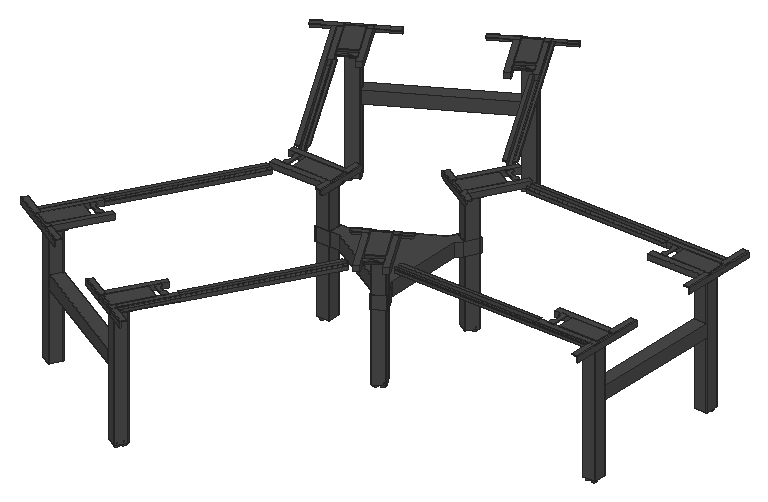
Revit family "Support-Teknion-HWBFYT_hiSpace_120_Frame-R2020", category Furniture, Revit 2020 (continued)
Forms (in)
  Sweep 48, solid, material "Paint - Teknion - 52 - Ebony" <- "Frame Finish"
    profile origin (58.03399, -14.99998, 0) x (-1, 0, 0) y (0, 0, 1)
      loop
        line (0.11766, 26.77953) -> (0.11766, 27.88189) -> (1.27908, 27.88189) -> (1.27908, 28) -> (0.15703, 28)
        arc (0.15703, 28) -> (0.04568, 27.95388) -> (-0.00045, 27.84252) r 0.15748
        line (-0.00045, 27.84252) -> (-0.00045, 26.77953) -> (0.11766, 26.77953)
  Sweep 49, solid, material "Paint - Teknion - 52 - Ebony" <- "Frame Finish"
    path origin (0, 0, 0) x (1, 0, 0) y (0, 1, 0)
      loop
        line (58.03399, 7.12597) -> (58.03399, 22.874)
    profile origin (58.03399, 14.99998, 0) x (-1, 0, 0) y (0, 0, 1)
      loop
        line (0.11766, 27.88189) -> (1.27908, 27.88189) -> (1.27908, 28) -> (0.15703, 28)
        arc (0.15703, 28) -> (0.04568, 27.95387) -> (-0.00045, 27.84252) r 0.15748
        line (-0.00045, 27.84252) -> (-0.00045, 26.77953) -> (0.11766, 26.77953) -> (0.11766, 27.88189)
  Sweep 50, solid, material "Paint - Teknion - 52 - Ebony" <- "Frame Finish"
    path origin (0, 0, 0) x (1, 0, 0) y (0, 1, 0)
      loop
        line (56.62499, 0) -> (15.12499, 0)
    profile origin (35.87499, 0, 0) x (0, -1, 0) y (0, 0, 1)
      loop
        line (-18.85825, 28) -> (-18.85825, 27.925) -> (-18.18325, 27.925) -> (-18.18325, 26.8875) -> (-18.10825, 26.8875) -> (-18.10825, 28) -> (-18.85825, 28)
      loop
        line (18.10825, 28) -> (18.10825, 26.8875) -> (18.18325, 26.8875) -> (18.18325, 27.925) -> (18.85825, 27.925) -> (18.85825, 28) -> (18.10825, 28)
  Sweep 51, solid, material "Paint - Teknion - 52 - Ebony" <- "Frame Finish"
    path origin (0, 0, 0) x (1, 0, 0) y (0, 1, 0)
      loop
        line (15.12499, 0) -> (45.12499, 0)
    profile origin (30.12499, 0, 0) x (0, 1, 0) y (0, 0, 1)
      loop
        line (16.38325, 28) -> (16.38325, 27.925) -> (17.05825, 27.925) -> (17.05825, 26.8125) -> (18.18325, 26.8125) -> (18.18325, 26.8875) -> (17.13325, 26.8875) -> (17.13325, 28) -> (16.38325, 28)
      loop
        line (-18.18325, 26.8875) -> (-18.18325, 26.8125) -> (-17.05825, 26.8125) -> (-17.05825, 27.925) -> (-16.38325, 27.925) -> (-16.38325, 28) -> (-17.13325, 28) -> (-17.13325, 26.8875) -> (-18.18325, 26.8875)
  Sweep 52, solid, material "Paint - Teknion - 52 - Ebony" <- "Frame Finish"
    path origin (0, 0, 0) x (1, 0, 0) y (0, 1, 0)
      loop
        line (-35.18826, 46.69593) -> (-48.82646, 38.82191)
    profile origin (-42.00736, 42.75892, 0) x (0.5, -0.866025, 0) y (0, 0, 1)
      loop
        line (1.27908, 28) -> (0.15703, 28)
        arc (0.15703, 28) -> (0.04568, 27.95387) -> (-0.00045, 27.84252) r 0.15748
        line (-0.00045, 27.84252) -> (-0.00045, 26.77953) -> (0.11766, 26.77953) -> (0.11766, 27.88189) -> (1.27908, 27.88189) -> (1.27908, 28)
  Sweep 53, solid, material "Paint - Teknion - 52 - Ebony" <- "Frame Finish"
    path origin (0, 0, 0) x (1, 0, 0) y (0, 1, 0)
      loop
        line (-9.20753, 61.69591) -> (-22.84573, 53.82189)
    profile origin (-16.02663, 57.7589, 0) x (0.5, -0.866025, 0) y (0, 0, 1)
      loop
        line (1.27908, 28) -> (0.15703, 28)
        arc (0.15703, 28) -> (0.04568, 27.95388) -> (-0.00045, 27.84252) r 0.15748
        line (-0.00045, 27.84252) -> (-0.00045, 26.77953) -> (0.11766, 26.77953) -> (0.11766, 27.88189) -> (1.27908, 27.88189) -> (1.27908, 28)
  Sweep 54, solid, material "Paint - Teknion - 52 - Ebony" <- "Frame Finish"
    path origin (0, 0, 0) x (1, 0, 0) y (0, 1, 0)
      loop
        line (-28.3125, 49.03868) -> (-7.5625, 13.09863)
    profile origin (-17.9375, 31.06865, 0) x (0.866025, 0.5, 0) y (0, 0, 1)
      loop
        line (-18.85825, 28) -> (-18.85825, 27.925) -> (-18.18325, 27.925) -> (-18.18325, 26.8875) -> (-18.10825, 26.8875) -> (-18.10825, 28) -> (-18.85825, 28)
      loop
        line (18.10825, 26.8875) -> (18.18325, 26.8875) -> (18.18325, 27.925) -> (18.85825, 27.925) -> (18.85825, 28) -> (18.10825, 28) -> (18.10825, 26.8875)
  Sweep 55, solid, material "Paint - Teknion - 52 - Ebony" <- "Frame Finish"
    path origin (0, 0, 0) x (1, 0, 0) y (0, 1, 0)
      loop
        line (-22.5625, 39.07939) -> (-7.5625, 13.09863)
    profile origin (-15.0625, 26.08901, 0) x (0.866025, 0.5, 0) y (0, 0, 1)
      loop
        line (17.13325, 26.8875) -> (17.13325, 28) -> (16.38325, 28) -> (16.38325, 27.925) -> (17.05825, 27.925) -> (17.05825, 26.8125) -> (18.18325, 26.8125) -> (18.18325, 26.8875) -> (17.13325, 26.8875)
      loop
        line (-18.18325, 26.8875) -> (-18.18325, 26.8125) -> (-17.05825, 26.8125) -> (-17.05825, 27.925) -> (-16.38325, 27.925) -> (-16.38325, 28) -> (-17.13325, 28) -> (-17.13325, 26.8875) -> (-18.18325, 26.8875)
  Sweep 56, void
    path origin (0, 0, 0) x (1, 0, 0) y (0, 0, 1)
      loop
        line (15.12499, 28) -> (15.12499, 23)
    profile origin (15.12499, 0, 25.5) x (0, -1, 0) y (1, 0, 0)
      loop
        line (-41.26626, -58.49814) -> (-40.4774, -58.04269) -> (-42.40653, -54.70133) -> (-43.1954, -55.15678) -> (-41.26626, -58.49814)
      loop
        line (-56.26624, -32.51741) -> (-55.47738, -32.06196) -> (-57.40652, -28.7206) -> (-58.19538, -29.17605) -> (-56.26624, -32.51741)
      loop
        line (-3.982, -39.19963) -> (-3.6695, -39.01921) -> (-3.99138, -38.46171) -> (-3.982, -39.19963)
      loop
        line (-5.2195, -37.05622) -> (-4.5945, -37.41706) -> (-4.907, -36.8758) -> (-5.2195, -37.05622)
      loop
        line (-22.84025, -6.53618) -> (-22.20588, -6.91327) -> (-22.52775, -6.35576) -> (-22.84025, -6.53618)
      loop
        line (-21.61213, -7.94167) -> (-21.60275, -8.6796) -> (-21.29025, -8.49918) -> (-21.61213, -7.94167)
      loop
        line (-18.85825, 0.36084) -> (-18.85825, 0) -> (-18.2145, 0) -> (-18.85825, 0.36084)
      loop
        line (-17.00825, 0) -> (-16.38325, 0) -> (-16.38325, 0.36084) -> (-17.00825, 0)
      loop
        line (-16.92912, 41.38832) -> (-13.07085, 41.38832) -> (-13.07085, 42.29921) -> (-16.92912, 42.29921) -> (-16.92912, 41.38832)
      loop
        line (13.07085, 42.29921) -> (13.07085, 41.38832) -> (16.92912, 41.38832) -> (16.92912, 42.29921) -> (13.07085, 42.29921)
      loop
        line (16.38325, 0.36084) -> (16.38325, 0) -> (17.027, 0) -> (16.38325, 0.36084)
      loop
        line (18.2145, 0) -> (18.85825, 0) -> (18.85825, 0.36084) -> (18.2145, 0)
      loop
        line (3.99138, -38.46171) -> (3.6695, -39.01921) -> (3.982, -39.19963) -> (3.99138, -38.46171)
      loop
        line (4.58513, -37.4333) -> (5.2195, -37.05622) -> (4.907, -36.8758) -> (4.58513, -37.4333)
      loop
        line (21.60275, -8.6796) -> (21.60275, -7.95791) -> (21.29025, -8.49917) -> (21.60275, -8.6796)
      loop
        line (22.20588, -6.91327) -> (22.84025, -6.53618) -> (22.52775, -6.35576) -> (22.20588, -6.91327)
      loop
        line (41.26626, -58.49814) -> (43.19539, -55.15678) -> (42.40653, -54.70133) -> (40.4774, -58.04269) -> (41.26626, -58.49814)
      loop
        line (57.40652, -28.7206) -> (55.47738, -32.06196) -> (56.26624, -32.5174) -> (58.19538, -29.17605) -> (57.40652, -28.7206)
  Sweep 57, void
    path origin (0, 0, 0) x (1, 0, 0) y (0, 1, 0)
      loop
        line (24.79299, 12.49543) -> (35.81661, 12.49543) -> (35.81661, 16.31433) -> (24.79299, 16.31433) -> (24.79299, 12.49543)
    profile origin (30.3048, 12.49543, 0) x (0, 1, 0) y (0, 0, 1)
      loop
        line (0, 26.81497) -> (0, 26.50001) -> (0.31496, 26.50001) -> (0, 26.81497)
  Sweep 58, void
    path origin (0, 0, 0) x (1, 0, 0) y (0, 1, 0)
      loop
        line (-1.58325, -27.71439) -> (-7.09506, -37.26113) -> (-3.7878, -39.17057) -> (1.72401, -29.62384) -> (-1.58325, -27.71439)
    profile origin (-4.33916, -32.48776, 0) x (0.866025, -0.5, 0) y (0, 0, 1)
      loop
        line (0, 26.81497) -> (0, 26.50001) -> (0.31496, 26.50001) -> (0, 26.81497)
  Sweep 59, void
    path origin (0, 0, 0) x (1, 0, 0) y (0, 1, 0)
      loop
        line (-23.21786, 15.22364) -> (-28.72967, 24.77038) -> (-32.03693, 22.86093) -> (-26.52512, 13.31419) -> (-23.21786, 15.22364)
    profile origin (-25.97376, 19.99701, 0) x (-0.866025, -0.5, 0) y (0, 0, 1)
      loop
        line (0, 26.81497) -> (0, 26.50001) -> (0.31496, 26.50001) -> (0, 26.81497)
  Sweep 60, solid, material "Plastic - Teknion - E - Ebony", visible <- "Display with Up/Down Memory"
    path origin (0, 0, 0) x (1, 0, 0) y (0, 0, 1)
      loop
        line (15.12499, 28) -> (15.12499, 27.82285)
    profile origin (15.12499, 0, 27.91142) x (0, -1, 0) y (1, 0, 0)
      loop
        line (29.254, 39.22442) -> (27.61379, 39.22442) -> (27.61379, 34.87796) -> (29.254, 34.87796) -> (29.254, 39.22442)
  Sweep 61, solid, material "Plastic - Teknion - E - Ebony", visible <- "Display with Up/Down Memory"
    path origin (0, 0, 0) x (1, 0, 0) y (0, 1, 0)
      loop
        line (-1.68659, 61.42895) -> (0.17956, 58.1967)
    profile origin (-0.75351, 59.81283, 0) x (0.866024, 0.500002, 0) y (0, 0, 1)
      loop
        line (0.39471, 27.92127) -> (0.00011, 27.92127) -> (0.00011, 27.82285) -> (0.15099, 27.82285)
        arc (0.15099, 27.82285) -> (0.1697, 27.80928) -> (0.16263, 27.78728) r 0.01969
        line (0.16263, 27.78728) -> (0.39471, 27.92127)
  Sweep 62, solid, material "Plastic - Teknion - E - Ebony", visible <- "Display with Up/Down Memory"
    path origin (0, 0, 0) x (1, 0, 0) y (0, 1, 0)
      loop
        line (0.52996, 57.58981) -> (-2.03699, 62.03585)
    profile origin (-0.75351, 59.81283, 0) x (-0.866024, -0.500002, 0) y (0, 0, 1)
      loop
        line (-0.4288, 27.94096) -> (-0.92093, 27.08857) -> (-0.44995, 26.81665) -> (0.04217, 27.66904) -> (-0.4288, 27.94096)
  Sweep 63, solid, material "Plastic - Teknion - E - Ebony", visible <- "Display with Up/Down Memory"
    path origin (0, 0, 0) x (-0.5, 0.866025, 0) y (0, 0, 1)
      loop
        line (15.12499, 27.82285) -> (15.12499, 28)
    profile origin (-7.5625, 13.09863, 27.91142) x (0.5, -0.866025, 0) y (0.866025, 0.5, 0)
      loop
        line (-39.22442, 29.25385) -> (-39.22442, 27.61381) -> (-34.87796, 27.61383) -> (-34.87796, 29.25386) -> (-39.22442, 29.25385)
  Sweep 64, solid, material "Plastic - Teknion - E - Ebony", visible <- "Display with Up/Down Memory"
    path origin (0, 0, 0) x (1, 0, 0) y (0, 1, 0)
      loop
        line (54.04233, -29.254) -> (50.31004, -29.254)
    profile origin (52.17619, -29.254, 0) x (0, -1, 0) y (0, 0, 1)
      loop
        line (0.16248, 27.78728) -> (0.39456, 27.92127) -> (0, 27.92127) -> (0, 27.82285) -> (0.15085, 27.82285)
        arc (0.15085, 27.82285) -> (0.16956, 27.80928) -> (0.16248, 27.78728) r 0.01969
  Sweep 65, solid, material "Plastic - Teknion - E - Ebony", visible <- "Display with Up/Down Memory"
    path origin (0, 0, 0) x (1, 0, 0) y (0, 1, 0)
      loop
        line (54.74312, -29.254) -> (49.60926, -29.254)
    profile origin (52.17619, -29.254, 0) x (0, -1, 0) y (0, 0, 1)
      loop
        line (-0.04232, 27.66904) -> (0.4498, 26.81665) -> (0.92078, 27.08857) -> (0.42865, 27.94095) -> (-0.04232, 27.66904)
  Sweep 66, solid, material "Plastic - Teknion - E - Ebony", visible <- "Display with Up/Down Memory"
    path origin (0, 0, 0) x (1, 0, 0) y (0, 1, 0)
      loop
        line (-52.35574, -32.17511) -> (-50.48961, -28.94285)
    profile origin (-51.42267, -30.55898, 0) x (-0.866027, 0.499998, 0) y (0, 0, 1)
      loop
        arc (0.151, 27.82285) -> (0.16971, 27.80928) -> (0.16263, 27.78728) r 0.01969
        line (0.16263, 27.78728) -> (0.39471, 27.92127) -> (0, 27.92127) -> (0, 27.82285) -> (0.151, 27.82285)
  Sweep 67, solid, material "Plastic - Teknion - E - Ebony", visible <- "Display with Up/Down Memory"
    path origin (0, 0, 0) x (1, 0, 0) y (0, 1, 0)
      loop
        line (-52.70613, -32.78201) -> (-50.13921, -28.33595)
    profile origin (-51.42267, -30.55898, 0) x (-0.866027, 0.499998, 0) y (0, 0, 1)
      loop
        line (-0.04217, 27.66904) -> (0.44995, 26.81665) -> (0.92093, 27.08857) -> (0.4288, 27.94096) -> (-0.04217, 27.66904)
  Sweep 68, solid, material "Plastic - Teknion - E - Ebony", visible <- "Display with Up/Down Memory"
    path origin (0, 0, 0) x (0.5, 0.866025, 0) y (0, 0, 1)
      loop
        line (-15.12499, 27.82285) -> (-15.12499, 28)
    profile origin (-7.5625, -13.09863, 27.91142) x (-0.5, -0.866025, 0) y (0.866025, -0.5, 0)
      loop
        line (39.22442, -29.25385) -> (39.22442, -27.61379) -> (34.87797, -27.61381) -> (34.87797, -29.25386) -> (39.22442, -29.25385)
  Sweep 69, solid, material "Plastic - Teknion - E - Ebony", visible <- "Toggle Display with Memory"
    path origin (0, 0, 0) x (1, 0, 0) y (0, 0, 1)
      loop
        line (15.12499, 27.88189) -> (15.12499, 28)
    profile origin (15.12499, 0, 27.94094) x (-1, 0, 0) y (0, -1, 0)
      loop
        line (-37.97684, 29.02634) -> (-37.97684, 28.20351) -> (-36.12644, 28.20351) -> (-36.12644, 29.02634) -> (-36.62841, 29.02634) -> (-36.62841, 28.735) -> (-37.47487, 28.735) -> (-37.47487, 29.02634) -> (-37.97684, 29.02634)
  Sweep 70, solid, material "Plastic - Teknion - E - Ebony", visible <- "Toggle Display with Memory"
    path origin (-28.08875, -1.24779, 48) x (-0.866025, 0.5, 0) y (0, 0, 1)
      loop
        line (-23.70168, -20.11811) -> (-23.70168, -20)
    profile origin (-7.5625, -13.09863, 27.94094) x (0.866025, -0.5, 0) y (0.5, 0.866025, 0)
      loop
        line (-29.02633, -37.97684) -> (-28.20352, -37.97684) -> (-28.20352, -36.12644) -> (-29.02633, -36.12644) -> (-29.02633, -36.62841) -> (-28.73501, -36.62841) -> (-28.73501, -37.47487) -> (-29.02633, -37.47487) -> (-29.02633, -37.97684)
  Sweep 71, solid, material "Plastic - Teknion - E - Ebony", visible <- "Toggle Display with Memory"
    path origin (-28.08875, 1.24779, 48) x (-0.866025, -0.5, 0) y (0, 0, 1)
      loop
        line (-23.70168, -20) -> (-23.70168, -20.11811)
    profile origin (-7.5625, 13.09863, 27.94094) x (-0.5, 0.866025, 0) y (-0.866025, -0.5, 0)
      loop
        line (36.12695, -28.20348) -> (36.12696, -29.02632) -> (36.62843, -29.02632) -> (36.62843, -28.73498) -> (37.47488, -28.73498) -> (37.47488, -29.02632) -> (37.97685, -29.02632) -> (37.97685, -28.20348) -> (36.12695, -28.20348)
  Sweep 72, solid, material "Plastic - Teknion - E - Ebony", visible <- "Toggle Display with Memory"
    path origin (0, 0, 0) x (1, 0, 0) y (0, 1, 0)
      loop
        line (52.59986, -29.254) -> (53.10183, -29.254)
    profile origin (52.85084, -29.254, 0) x (0, 1, 0) y (0, 0, 1)
      loop
        line (0.06624, 27.80315) -> (0.42057, 27.80315) -> (0.42057, 27.59567) -> (0.70679, 27.88189) -> (0.22766, 27.88189) -> (0.22766, 28) -> (0.06624, 27.83858) -> (0.06624, 27.80315)
  Sweep 73, solid, material "Plastic - Teknion - E - Ebony", visible <- "Toggle Display with Memory"
    path origin (0, 0, 0) x (1, 0, 0) y (0, 1, 0)
      loop
        line (51.25143, -29.254) -> (51.7534, -29.254)
    profile origin (51.50242, -29.254, 0) x (0, 1, 0) y (0, 0, 1)
      loop
        line (0.06624, 27.80315) -> (0.42057, 27.80315) -> (0.42057, 27.59567) -> (0.70679, 27.88189) -> (0.22766, 27.88189) -> (0.22766, 28) -> (0.06624, 27.83858) -> (0.06624, 27.80315)
  Sweep 74, solid, material "Plastic - Teknion - E - Ebony", visible <- "Toggle Display with Memory"
    path origin (0, 0, 0) x (1, 0, 0) y (0, 1, 0)
      loop
        line (50.87742, -29.254) -> (53.47584, -29.254)
    profile origin (52.17663, -29.254, 0) x (0, 1, 0) y (0, 0, 1)
      loop
        line (-0.16604, 27.80315) -> (-1.07082, 27.04395) -> (-0.84306, 26.77252) -> (-0.084, 27.40945) -> (0.42057, 27.40945) -> (0.42057, 27.80315) -> (-0.16604, 27.80315)
  Sweep 75, solid, material "Plastic - Teknion - E - Ebony", visible <- "Toggle Display with Memory"
    path origin (0, 0, 0) x (1, 0, 0) y (0, 1, 0)
      loop
        line (-51.63451, -30.9259) -> (-51.8855, -31.36062)
    profile origin (-51.76001, -31.14326, 0) x (0.866027, -0.499998, 0) y (0, 0, 1)
      loop
        line (0.06611, 27.80315) -> (0.42044, 27.80315) -> (0.42044, 27.59567) -> (0.70666, 27.88189) -> (0.22753, 27.88189) -> (0.22753, 28) -> (0.06611, 27.83858) -> (0.06611, 27.80315)
  Sweep 76, solid, material "Plastic - Teknion - E - Ebony", visible <- "Toggle Display with Memory"
    path origin (0, 0, 0) x (1, 0, 0) y (0, 1, 0)
      loop
        line (-50.96055, -29.75856) -> (-51.21129, -30.19285)
    profile origin (-51.08592, -29.9757, 0) x (0.866027, -0.499998, 0) y (0, 0, 1)
      loop
        line (0.42044, 27.59567) -> (0.70666, 27.88189) -> (0.22753, 27.88189) -> (0.22753, 28) -> (0.06611, 27.83858) -> (0.06611, 27.80315) -> (0.42044, 27.80315) -> (0.42044, 27.59567)
  Sweep 77, solid, material "Plastic - Teknion - E - Ebony", visible <- "Toggle Display with Memory"
    path origin (0, 0, 0) x (1, 0, 0) y (0, 1, 0)
      loop
        line (-50.7733, -29.43422) -> (-52.0725, -31.68453)
    profile origin (-51.4229, -30.55937, 0) x (0.866027, -0.499998, 0) y (0, 0, 1)
      loop
        line (0.42045, 27.40945) -> (0.42045, 27.80315) -> (-0.16617, 27.80315) -> (-1.07094, 27.04395) -> (-0.84319, 26.77252) -> (-0.08412, 27.40945) -> (0.42045, 27.40945)
  Sweep 78, solid, material "Plastic - Teknion - E - Ebony", visible <- "Toggle Display with Memory"
    path origin (0, 0, 0) x (1, 0, 0) y (0, 1, 0)
      loop
        line (-0.54213, 59.4467) -> (-0.29139, 59.01242)
    profile origin (-0.41676, 59.22956, 0) x (0.866024, 0.500002, 0) y (0, 0, 1)
      loop
        line (-0.22753, 27.88189) -> (-0.70667, 27.88189) -> (-0.42045, 27.59567) -> (-0.42045, 27.80315) -> (-0.06612, 27.80315) -> (-0.06612, 27.83858) -> (-0.22753, 28) -> (-0.22753, 27.88189)
  Sweep 79, solid, material "Plastic - Teknion - E - Ebony", visible <- "Toggle Display with Memory"
    path origin (0, 0, 0) x (1, 0, 0) y (0, 1, 0)
      loop
        line (-1.21634, 60.61447) -> (-0.96536, 60.17975)
    profile origin (-1.09085, 60.39711, 0) x (0.866024, 0.500002, 0) y (0, 0, 1)
      loop
        line (-0.06612, 27.83858) -> (-0.22753, 28) -> (-0.22753, 27.88189) -> (-0.70667, 27.88189) -> (-0.42045, 27.59567) -> (-0.42045, 27.80315) -> (-0.06612, 27.80315) -> (-0.06612, 27.83858)
  Sweep 80, solid, material "Plastic - Teknion - E - Ebony", visible <- "Toggle Display with Memory"
    path origin (0, 0, 0) x (1, 0, 0) y (0, 1, 0)
      loop
        line (-0.10412, 58.68805) -> (-1.40334, 60.93835)
    profile origin (-0.75373, 59.8132, 0) x (-0.866024, -0.500002, 0) y (0, 0, 1)
      loop
        line (0.42045, 27.40945) -> (0.42045, 27.80315) -> (-0.16617, 27.80315) -> (-1.07094, 27.04395) -> (-0.84319, 26.77252) -> (-0.08412, 27.40945) -> (0.42045, 27.40945)
  Sweep 81, solid, material "Paint - Teknion - 52 - Ebony" <- "Frame Finish", visible <- "Fixed Height (29")"
    path origin (0, 0, 0) x (1, 0, 0) y (0, 0, 1)
      loop
        line (15.12499, 25.75591) -> (15.12499, 0.5)
    profile origin (15.12499, 0, 13.12795) x (0, -1, 0) y (1, 0, 0)
      loop
        arc (10.31665, -7.60027) -> (10.25245, -7.68394) -> (10.26621, -7.7885) r 0.1378
        line (10.26621, -7.7885) -> (11.48668, -9.90242)
        arc (11.48668, -9.90242) -> (11.57035, -9.96663) -> (11.67492, -9.95286) r 0.1378
        line (11.67492, -9.95286) -> (13.78884, -8.73239)
        arc (13.78884, -8.73239) -> (13.85304, -8.64872) -> (13.83927, -8.54416) r 0.1378
        line (13.83927, -8.54416) -> (12.6188, -6.43023)
        arc (12.6188, -6.43023) -> (12.53513, -6.36603) -> (12.43057, -6.3798) r 0.1378
        line (12.43057, -6.3798) -> (10.31665, -7.60027)
      loop
        arc (-1.22049, -27.68405) -> (-1.31792, -27.7244) -> (-1.35828, -27.82184) r 0.1378
        line (-1.35828, -27.82184) -> (-1.35828, -30.26279)
        arc (-1.35828, -30.26279) -> (-1.31792, -30.36022) -> (-1.22049, -30.40058) r 0.1378
        line (-1.22049, -30.40058) -> (1.22046, -30.40058)
        arc (1.22046, -30.40058) -> (1.3179, -30.36022) -> (1.35825, -30.26279) r 0.1378
        line (1.35825, -30.26279) -> (1.35825, -27.82184)
        arc (1.35825, -27.82184) -> (1.3179, -27.7244) -> (1.22046, -27.68405) r 0.1378
        line (1.22046, -27.68405) -> (-1.22049, -27.68405)
      loop
        arc (-12.43059, -6.3798) -> (-12.53516, -6.36603) -> (-12.61883, -6.43023) r 0.1378
        line (-12.61883, -6.43023) -> (-13.8393, -8.54416)
        arc (-13.8393, -8.54416) -> (-13.85306, -8.64872) -> (-13.78886, -8.73239) r 0.1378
        line (-13.78886, -8.73239) -> (-11.67494, -9.95286)
        arc (-11.67494, -9.95286) -> (-11.57038, -9.96663) -> (-11.48671, -9.90242) r 0.1378
        line (-11.48671, -9.90242) -> (-10.26624, -7.7885)
        arc (-10.26624, -7.7885) -> (-10.25247, -7.68394) -> (-10.31667, -7.60027) r 0.1378
        line (-10.31667, -7.60027) -> (-12.43059, -6.3798)
      loop
        arc (39.88783, -53.90636) -> (39.78327, -53.89259) -> (39.6996, -53.95679) r 0.1378
        line (39.6996, -53.95679) -> (38.47912, -56.07071)
        arc (38.47912, -56.07071) -> (38.46536, -56.17528) -> (38.52956, -56.25895) r 0.1378
        line (38.52956, -56.25895) -> (40.64348, -57.47942)
        arc (40.64348, -57.47942) -> (40.74804, -57.49318) -> (40.83171, -57.42898) r 0.1378
        line (40.83171, -57.42898) -> (42.05218, -55.31506)
        arc (42.05218, -55.31506) -> (42.06595, -55.2105) -> (42.00175, -55.12683) r 0.1378
        line (42.00175, -55.12683) -> (39.88783, -53.90636)
      loop
        arc (54.88782, -27.9256) -> (54.78326, -27.91184) -> (54.69959, -27.97604) r 0.1378
        line (54.69959, -27.97604) -> (53.47912, -30.08996)
        arc (53.47912, -30.08996) -> (53.46535, -30.19452) -> (53.52956, -30.27819) r 0.1378
        line (53.52956, -30.27819) -> (55.64348, -31.49866)
        arc (55.64348, -31.49866) -> (55.74804, -31.51243) -> (55.83171, -31.44823) r 0.1378
        line (55.83171, -31.44823) -> (57.05218, -29.33431)
        arc (57.05218, -29.33431) -> (57.06595, -29.22974) -> (57.00174, -29.14607) r 0.1378
        line (57.00174, -29.14607) -> (54.88782, -27.9256)
      loop
        arc (13.77951, 41.38832) -> (13.68207, 41.34796) -> (13.64172, 41.25052) r 0.1378
        line (13.64172, 41.25052) -> (13.64172, 38.80958)
        arc (13.64172, 38.80958) -> (13.68207, 38.71214) -> (13.77951, 38.67178) r 0.1378
        line (13.77951, 38.67178) -> (16.22046, 38.67178)
        arc (16.22046, 38.67178) -> (16.31789, 38.71214) -> (16.35825, 38.80958) r 0.1378
        line (16.35825, 38.80958) -> (16.35825, 41.25052)
        arc (16.35825, 41.25052) -> (16.31789, 41.34796) -> (16.22046, 41.38832) r 0.1378
        line (16.22046, 41.38832) -> (13.77951, 41.38832)
      loop
        arc (-16.22048, 41.38832) -> (-16.31792, 41.34796) -> (-16.35828, 41.25052) r 0.1378
        line (-16.35828, 41.25052) -> (-16.35828, 38.80958)
        arc (-16.35828, 38.80958) -> (-16.31792, 38.71214) -> (-16.22048, 38.67178) r 0.1378
        line (-16.22048, 38.67178) -> (-13.77954, 38.67178)
        arc (-13.77954, 38.67178) -> (-13.6821, 38.71214) -> (-13.64174, 38.80958) r 0.1378
        line (-13.64174, 38.80958) -> (-13.64174, 41.25052)
        arc (-13.64174, 41.25052) -> (-13.6821, 41.34796) -> (-13.77954, 41.38832) r 0.1378
        line (-13.77954, 41.38832) -> (-16.22048, 41.38832)
      loop
        arc (-54.69962, -27.97604) -> (-54.78329, -27.91184) -> (-54.88785, -27.9256) r 0.1378
        line (-54.88785, -27.9256) -> (-57.00177, -29.14607)
        arc (-57.00177, -29.14607) -> (-57.06597, -29.22974) -> (-57.05221, -29.33431) r 0.1378
        line (-57.05221, -29.33431) -> (-55.83173, -31.44823)
        arc (-55.83173, -31.44823) -> (-55.74806, -31.51243) -> (-55.6435, -31.49866) r 0.1378
        line (-55.6435, -31.49866) -> (-53.52958, -30.27819)
        arc (-53.52958, -30.27819) -> (-53.46538, -30.19452) -> (-53.47915, -30.08996) r 0.1378
        line (-53.47915, -30.08996) -> (-54.69962, -27.97604)
      loop
        arc (-42.00177, -55.12683) -> (-42.06598, -55.2105) -> (-42.05221, -55.31506) r 0.1378
        line (-42.05221, -55.31506) -> (-40.83174, -57.42898)
        arc (-40.83174, -57.42898) -> (-40.74807, -57.49318) -> (-40.64351, -57.47942) r 0.1378
        line (-40.64351, -57.47942) -> (-38.52959, -56.25895)
        arc (-38.52959, -56.25895) -> (-38.46538, -56.17528) -> (-38.47915, -56.07071) r 0.1378
        line (-38.47915, -56.07071) -> (-39.69962, -53.95679)
        arc (-39.69962, -53.95679) -> (-39.78329, -53.89259) -> (-39.88785, -53.90636) r 0.1378
        line (-39.88785, -53.90636) -> (-42.00177, -55.12683)
Cuts and joins
  Sweep 25, Sweep 30 cuts Sweep 24
  Sweep 25, Sweep 31 cuts Sweep 22
  Sweep 25, Sweep 29 cuts Sweep 23
  Sweep 37, Sweep 38 cuts Sweep 36
  Sweep 56 cuts Sweep 42
  Sweep 56 cuts Sweep 47
  joined: Sweep 42, Sweep 47
  Sweep 56 cuts Sweep 43
  Sweep 56 cuts Sweep 46
  joined: Sweep 43, Sweep 46
  Sweep 56 cuts Sweep 50
  Sweep 56 cuts Sweep 51
  joined: Sweep 50, Sweep 51
  Sweep 56 cuts Sweep 54
  Sweep 56 cuts Sweep 55
  joined: Sweep 54, Sweep 55
  Sweep 56 cuts Sweep 53
  Sweep 56 cuts Sweep 52
  Sweep 56 cuts Sweep 48
  Sweep 56 cuts Sweep 49
  Sweep 56 cuts Sweep 41
  Sweep 56 cuts Sweep 40
  Sweep 57, Sweep 58, Sweep 59 cuts Sweep 39
  joined: Sweep 75, Sweep 76, Sweep 77
  joined: Sweep 72, Sweep 73, Sweep 74
  joined: Sweep 78, Sweep 79, Sweep 80
  joined: Sweep 3, Sweep 4, Sweep 5
  joined: Sweep 64, Sweep 65
  joined: Sweep 66, Sweep 67
  joined: Sweep 61, Sweep 62
Lines and regions (in)
  Masking region 1, visible <- "Electrical"
    outline origin (0, 0, 0) x (1, 0, 0) y (0, 1, 0)
      loop
        line (35.81661, 12.49543) -> (35.81661, 16.31433) -> (24.79299, 16.31433) -> (24.79299, 12.49543) -> (35.81661, 12.49543)
      loop
        line (-26.52512, 13.31419) -> (-23.21786, 15.22364) -> (-28.72967, 24.77038) -> (-32.03693, 22.86093) -> (-26.52512, 13.31419)
      loop
        line (1.72401, -29.62384) -> (-1.58325, -27.71439) -> (-7.09506, -37.26113) -> (-3.7878, -39.17057) -> (1.72401, -29.62384)
  Masking region 2, visible <- "Display with Up/Down Memory"
    outline origin (0, 0, 0) x (1, 0, 0) y (0, 1, 0)
      loop
        line (54.34941, -29.21168) -> (54.34941, -27.61379) -> (50.00295, -27.61379) -> (50.00295, -29.21168) -> (49.60926, -29.21168) -> (49.60926, -30.17478) -> (54.74312, -30.17478) -> (54.74312, -29.21168) -> (54.34941, -29.21168)
      loop
        line (-53.50368, -32.32155) -> (-52.66961, -32.80309) -> (-52.47276, -32.46214) -> (-51.08895, -33.26108) -> (-48.91574, -29.49693) -> (-50.29954, -28.69799) -> (-50.10269, -28.35703) -> (-50.93676, -27.87549) -> (-53.50368, -32.32155)
      loop
        line (-3.26044, 60.87488) -> (-1.0872, 57.11074) -> (0.29658, 57.90967) -> (0.49343, 57.56872) -> (1.3275, 58.05027) -> (-1.23944, 62.49632) -> (-2.07351, 62.01476) -> (-1.87666, 61.67381) -> (-3.26044, 60.87488)
  Masking region 3, visible <- "Toggle Display with Memory"
    outline origin (0, 0, 0) x (1, 0, 0) y (0, 1, 0)
      loop
        line (53.10183, -28.20351) -> (51.25143, -28.20351) -> (51.25143, -28.83343) -> (50.87742, -28.83343) -> (50.87742, -30.32482) -> (53.47584, -30.32482) -> (53.47584, -28.83343) -> (53.10183, -28.83343) -> (53.10183, -28.20351)
      loop
        line (51.7534, -28.735) -> (51.7534, -28.83343) -> (52.59986, -28.83343) -> (52.59986, -28.735) -> (51.7534, -28.735)
      loop
        line (-2.12599, 60.08928) -> (-1.20104, 58.48723) -> (-0.65551, 58.80219) -> (-0.46824, 58.47783) -> (0.82334, 59.22353) -> (-0.47588, 61.47382) -> (-1.76746, 60.72812) -> (-1.58046, 60.40424) -> (-2.12599, 60.08928)
      loop
        line (-1.41472, 59.92031) -> (-0.99149, 59.18726) -> (-0.90625, 59.23648) -> (-1.32948, 59.96953) -> (-1.41472, 59.92031)
      loop
        line (-52.99997, -31.14906) -> (-51.70839, -31.89475) -> (-51.52137, -31.57083) -> (-50.97588, -31.88577) -> (-50.05068, -30.28328) -> (-50.59618, -29.96834) -> (-50.40918, -29.64444) -> (-51.70076, -28.89875) -> (-52.99997, -31.14906)
      loop
        line (-51.27039, -31.13611) -> (-51.18518, -31.18531) -> (-50.76195, -30.45225) -> (-50.84716, -30.40306) -> (-51.27039, -31.13611)
  Masking region 4
    outline origin (0, 0, 0) x (1, 0, 0) y (0, 1, 0)
      loop
        line (-12.31745, 5.11811) -> (-12.31745, 3.10827) -> (-23.75446, 3.10827) -> (-23.75446, 1.91929) -> (-22.17966, 1.91929) -> (-22.17966, 1.07586)
        arc (-22.17966, 1.07586) -> (-21.60879, 0) -> (-22.17966, -1.07586) r 1.29921
        line (-22.17966, -1.07586) -> (-22.17966, -1.91929) -> (-23.75446, -1.91929) -> (-23.75446, -3.10827) -> (-12.31745, -3.10827) -> (-12.31745, -5.11811)
        arc (-12.31745, -5.11811) -> (-12.20214, -5.3965) -> (-11.92375, -5.51181) r 0.3937
        line (-11.92375, -5.51181) -> (-11.03792, -5.51181) -> (-11.03792, -1.41732) -> (-10.47229, -1.41732) -> (4.00871, -9.77793) -> (4.29152, -10.26778) -> (0.74559, -12.31503) -> (1.18851, -13.08218)
        arc (1.18851, -13.08218) -> (1.42756, -13.26561) -> (1.72631, -13.22628) r 0.3937
        line (1.72631, -13.22628) -> (3.46689, -12.22136) -> (9.18539, -22.1261) -> (10.21507, -21.53161) -> (9.42767, -20.16779) -> (10.15811, -19.74607)
        arc (10.15811, -19.74607) -> (10.80439, -18.71376) -> (12.02155, -18.67022) r 1.29921
        line (12.02155, -18.67022) -> (12.75198, -18.2485) -> (13.53938, -19.61232) -> (14.56907, -19.01783) -> (8.85056, -9.11309) -> (10.59114, -8.10817)
        arc (10.59114, -8.10817) -> (10.77457, -7.86911) -> (10.73524, -7.57036) r 0.3937
        line (10.73524, -7.57036) -> (10.29233, -6.80322) -> (6.7464, -8.85046) -> (6.46358, -8.36061) -> (6.46358, 8.36061) -> (6.7464, 8.85046) -> (10.29233, 6.80322) -> (10.73524, 7.57036)
        arc (10.73524, 7.57036) -> (10.77457, 7.86911) -> (10.59114, 8.10817) r 0.3937
        line (10.59114, 8.10817) -> (8.85056, 9.11309) -> (14.56907, 19.01783) -> (13.53938, 19.61232) -> (12.75198, 18.2485) -> (12.02155, 18.67022)
        arc (12.02155, 18.67022) -> (10.80439, 18.71376) -> (10.15811, 19.74607) r 1.29921
        line (10.15811, 19.74607) -> (9.42767, 20.16779) -> (10.21507, 21.53161) -> (9.18539, 22.1261) -> (3.46689, 12.22136) -> (1.72631, 13.22628)
        arc (1.72631, 13.22628) -> (1.42756, 13.26561) -> (1.18851, 13.08218) r 0.3937
        line (1.18851, 13.08218) -> (0.74559, 12.31503) -> (4.29152, 10.26778) -> (4.00871, 9.77793) -> (-10.47229, 1.41732) -> (-11.03792, 1.41732) -> (-11.03792, 5.51181) -> (-11.92375, 5.51181)
        arc (-11.92375, 5.51181) -> (-12.20214, 5.3965) -> (-12.31745, 5.11811) r 0.3937
      loop
        line (-20.99855, -1.91929) -> (-19.89002, -1.91929) -> (-19.89002, 1.91929) -> (-20.99855, 1.91929) -> (-20.99855, -1.91929)
      loop
        line (-11.75197, -1.41732) -> (-11.75197, -1.91929) -> (-11.64816, -1.91929) -> (-11.64816, -1.41732) -> (-11.75197, -1.41732)
      loop
        line (-11.75197, 1.91929) -> (-11.75197, 1.41732) -> (-11.64816, 1.41732) -> (-11.64816, 1.91929) -> (-11.75197, 1.91929)
      loop
        line (4.21383, 11.13715) -> (4.16192, 11.04725) -> (4.59664, 10.79626) -> (4.64855, 10.88616) -> (4.21383, 11.13715)
      loop
        line (7.10342, 9.46884) -> (7.05152, 9.37894) -> (7.48623, 9.12796) -> (7.53814, 9.21786) -> (7.10342, 9.46884)
      loop
        line (8.83712, 19.14493) -> (8.28285, 18.1849) -> (11.60716, 16.26561) -> (12.16143, 17.22563) -> (8.83712, 19.14493)
      loop
        line (7.05152, -9.37894) -> (7.10342, -9.46884) -> (7.53814, -9.21786) -> (7.48623, -9.12796) -> (7.05152, -9.37894)
      loop
        line (8.28285, -18.1849) -> (8.83712, -19.14493) -> (12.16143, -17.22563) -> (11.60716, -16.26561) -> (8.28285, -18.1849)
      loop
        line (4.16192, -11.04725) -> (4.21383, -11.13715) -> (4.64855, -10.88616) -> (4.59664, -10.79626) -> (4.16192, -11.04725)
      loop
        line (15.48584, -18.85825) -> (56.62499, -18.85825) -> (56.62499, -18.10825) -> (56.75491, -18.10825) -> (56.75491, -22.874) -> (58.03444, -22.874) -> (58.03444, -7.12597) -> (56.75491, -7.12597) -> (56.75491, -11.89172) -> (56.51331, -11.89172) -> (56.51331, 11.89172) -> (56.75491, 11.89172) -> (56.75491, 7.12597) -> (58.03444, 7.12597) -> (58.03444, 22.874) -> (56.75491, 22.874) -> (56.75491, 18.10825) -> (56.62499, 18.10825) -> (56.62499, 18.85825) -> (15.48583, 18.85825) -> (15.12499, 18.2145) -> (15.12499, 17.00825) -> (15.48583, 16.38325) -> (45.12499, 16.38325) -> (45.12499, 18.10825) -> (45.3179, 18.10825) -> (45.3179, 16.91927) -> (46.89271, 16.91927) -> (46.89271, 16.07584)
        arc (46.89271, 16.07584) -> (47.46357, 14.99998) -> (46.89271, 13.92413) r 1.29921
        line (46.89271, 13.92413) -> (46.89271, 13.08069) -> (45.3179, 13.08069) -> (45.3179, 11.89172) -> (53.79677, 11.89172) -> (53.79677, -11.89172) -> (45.3179, -11.89172) -> (45.3179, -13.08069) -> (46.89271, -13.08069) -> (46.89271, -13.92416)
        arc (46.89271, -13.92416) -> (47.46357, -15.00002) -> (46.89271, -16.07587) r 1.29921
        line (46.89271, -16.07587) -> (46.89271, -16.91927) -> (45.3179, -16.91927) -> (45.3179, -18.10825) -> (45.12499, -18.10825) -> (45.12499, -16.38325) -> (15.48584, -16.38325) -> (15.12499, -17.027) -> (15.12499, -18.2145) -> (15.48584, -18.85825)
      loop
        line (48.07381, -13.08069) -> (48.07381, -16.91927) -> (49.18235, -16.91927) -> (49.18235, -13.08069) -> (48.07381, -13.08069)
      loop
        line (48.07381, 16.91927) -> (48.07381, 13.08069) -> (49.18235, 13.08069) -> (49.18235, 16.91927) -> (48.07381, 16.91927)
      loop
        line (57.32039, -13.08073) -> (57.32039, -16.91931) -> (57.4242, -16.91931) -> (57.4242, -13.08073) -> (57.32039, -13.08073)
      loop
        line (57.32049, 16.91927) -> (57.32049, 13.08069) -> (57.4242, 13.08069) -> (57.4242, 16.91927) -> (57.32049, 16.91927)
      loop
        line (6.44539, -21.60275) -> (-8.37418, -47.27102) -> (-6.88029, -48.13352) -> (-6.97675, -48.30058) -> (-8.00643, -47.70609) -> (-8.79383, -49.06991) -> (-9.52427, -48.6482)
        arc (-9.52427, -48.6482) -> (-10.74142, -48.60465) -> (-11.3877, -47.57234) r 1.29921
        line (-11.3877, -47.57234) -> (-12.11814, -47.15062) -> (-11.33074, -45.7868) -> (-12.36042, -45.19232) -> (-16.59985, -52.53522) -> (-37.19691, -40.6435) -> (-32.95748, -33.3006) -> (-33.98716, -32.70611) -> (-34.77457, -34.06993) -> (-35.505, -33.64821)
        arc (-35.505, -33.64821) -> (-36.72215, -33.60467) -> (-37.36844, -32.57236) r 1.29921
        line (-37.36844, -32.57236) -> (-38.09888, -32.15064) -> (-37.31147, -30.78682) -> (-38.34116, -30.19233) -> (-38.2447, -30.02526) -> (-36.75081, -30.88776) -> (-21.93123, -5.2195) -> (-22.30831, -4.58513) -> (-23.33672, -3.99138) -> (-24.07464, -3.982) -> (-44.64422, -39.60956) -> (-43.9947, -39.98456) -> (-44.05957, -40.09691) -> (-48.18683, -37.71404) -> (-48.8267, -38.82233) -> (-35.18851, -46.69635) -> (-34.54863, -45.58805) -> (-38.67589, -43.20518) -> (-38.55518, -42.99609) -> (-17.95812, -54.88781) -> (-18.07891, -55.09702) -> (-22.20617, -52.71415) -> (-22.84597, -53.82232) -> (-9.20777, -61.69633) -> (-8.56797, -60.58816) -> (-12.69523, -58.20529) -> (-12.63029, -58.09281) -> (-11.98077, -58.46781) -> (8.58881, -22.84025) -> (8.21173, -22.20588) -> (7.16708, -21.60275) -> (6.44539, -21.60275)
      loop
        line (-17.38389, -56.27117) -> (-14.05958, -58.19046) -> (-14.00747, -58.10021) -> (-17.33178, -56.18092) -> (-17.38389, -56.27117)
      loop
        line (-13.26276, -49.13316) -> (-9.93845, -51.05245) -> (-9.38438, -50.09278) -> (-12.70869, -48.17349) -> (-13.26276, -49.13316)
      loop
        line (-39.24349, -34.13318) -> (-35.91918, -36.05247) -> (-35.36512, -35.09279) -> (-38.68943, -33.1735) -> (-39.24349, -34.13318)
      loop
        line (-43.36462, -41.27118) -> (-40.04031, -43.19047) -> (-39.98821, -43.10022) -> (-43.31252, -41.18093) -> (-43.36462, -41.27118)
      loop
        line (-44.64422, 39.60956) -> (-24.07464, 3.982) -> (-23.33672, 3.99138) -> (-22.29207, 4.5945) -> (-21.93123, 5.2195) -> (-36.75081, 30.88776) -> (-38.2447, 30.02526) -> (-38.34116, 30.19233) -> (-37.31147, 30.78682) -> (-38.09888, 32.15064) -> (-37.36844, 32.57236)
        arc (-37.36844, 32.57236) -> (-36.72215, 33.60467) -> (-35.505, 33.64821) r 1.29921
        line (-35.505, 33.64821) -> (-34.77457, 34.06993) -> (-33.98716, 32.70611) -> (-32.95748, 33.3006) -> (-37.19692, 40.64352) -> (-16.59986, 52.53524) -> (-12.36042, 45.19231) -> (-11.33074, 45.7868) -> (-12.11814, 47.15062) -> (-11.38771, 47.57234)
        arc (-11.38771, 47.57234) -> (-10.74142, 48.60465) -> (-9.52427, 48.6482) r 1.29921
        line (-9.52427, 48.6482) -> (-8.79383, 49.06991) -> (-8.00643, 47.70609) -> (-6.97675, 48.30058) -> (-6.88029, 48.13351) -> (-8.37418, 47.27101) -> (6.44539, 21.60275) -> (7.18332, 21.61213) -> (8.21172, 22.20588) -> (8.58881, 22.84025) -> (-11.98077, 58.46781) -> (-12.63029, 58.09281) -> (-12.69525, 58.20532) -> (-8.56799, 60.5882) -> (-9.20775, 61.6963) -> (-22.84595, 53.82228) -> (-22.20619, 52.71418) -> (-18.07893, 55.09705) -> (-17.95813, 54.88783) -> (-38.55519, 42.99611) -> (-38.67598, 43.20534) -> (-34.54873, 45.58821) -> (-35.18849, 46.69632) -> (-48.82669, 38.8223) -> (-48.18692, 37.7142) -> (-44.05966, 40.09707) -> (-43.9947, 39.98456) -> (-44.64422, 39.60956)
      loop
        line (-39.24369, 34.13352) -> (-38.68943, 33.1735) -> (-35.36512, 35.0928) -> (-35.91938, 36.05282) -> (-39.24369, 34.13352)
      loop
        line (-43.36462, 41.27118) -> (-43.31272, 41.18128) -> (-39.98841, 43.10057) -> (-40.04031, 43.19047) -> (-43.36462, 41.27118)
      loop
        line (-17.38389, 56.27116) -> (-17.33199, 56.18126) -> (-14.00768, 58.10055) -> (-14.05958, 58.19046) -> (-17.38389, 56.27116)
      loop
        line (-13.26296, 49.13351) -> (-12.70869, 48.17349) -> (-9.38438, 50.09278) -> (-9.93865, 51.0528) -> (-13.26296, 49.13351)
  symbolic lines, visible <- "Display with Up/Down Memory"
    curve 1: line (-50.33606, -28.6769, 0) -> (-52.50928, -32.44105, 0)
    curve 2: line (-48.91574, -29.49693, 0) -> (-50.33606, -28.6769, 0)
    curve 3: line (-52.50928, -32.44105, 0) -> (-51.08895, -33.26108, 0)
    curve 4: line (-53.07748, -32.56761, 0) -> (-50.51057, -28.12155, 0)
    curve 5: line (54.74312, -29.68265, 0) -> (49.60926, -29.68265, 0)
    curve 6: line (50.00295, -29.254, 0) -> (54.34941, -29.254, 0)
    curve 7: line (50.00295, -27.61379, 0) -> (50.00295, -29.254, 0)
    curve 8: line (54.34941, -29.254, 0) -> (54.34941, -27.61379, 0)
    curve 9: line (-1.66563, 62.25025, 0) -> (0.90131, 57.80421, 0)
    curve 10: line (0.33311, 57.93076, 0) -> (-1.84013, 61.69489, 0)
    curve 11: line (-1.0872, 57.11074, 0) -> (0.33311, 57.93076, 0)
    curve 12: line (-1.84013, 61.69489, 0) -> (-3.26044, 60.87488, 0)
    curve 13: line (-50.48961, -28.94285, 0) -> (-50.83143, -28.7455, 0)
    curve 14: line (-50.83143, -28.7455, 0) -> (-52.69757, -31.97775, 0)
    curve 15: line (-52.35574, -32.17511, 0) -> (-52.69757, -31.97775, 0)
    curve 16: line (50.31004, -29.254, 0) -> (50.31004, -29.64856, 0)
    curve 17: line (50.31004, -29.64856, 0) -> (54.04233, -29.64856, 0)
    curve 18: line (54.04233, -29.254, 0) -> (54.04233, -29.64856, 0)
    curve 19: line (-1.68659, 61.42895, 0) -> (-1.34477, 61.62631, 0)
    curve 20: line (0.52139, 58.39406, 0) -> (-1.34477, 61.62631, 0)
    curve 21: line (0.17956, 58.1967, 0) -> (0.52139, 58.39406, 0)
  symbolic lines, style "FurnitureHiddenLines", visible <- "Display with Up/Down Memory", detail levels medium+fine
    curve 22: line (-1.54575, 61.51026, 0) -> (0.3204, 58.27802, 0)
    curve 23: line (-2.07351, 62.01476, 0) -> (0.49343, 57.56872, 0)
    curve 24: line (-1.64732, 62.26083, 0) -> (0.91963, 57.81478, 0)
    curve 25: line (49.60926, -29.21168, 0) -> (54.74312, -29.21168, 0)
    curve 26: line (54.04233, -29.41648, 0) -> (50.31004, -29.41648, 0)
    curve 27: line (49.60926, -29.7038, 0) -> (54.74312, -29.7038, 0)
    curve 28: line (-50.52889, -28.11097, 0) -> (-53.0958, -32.55703, 0)
    curve 29: line (-52.49658, -32.09379, 0) -> (-50.63044, -28.86154, 0)
    curve 30: line (-50.10269, -28.35703, 0) -> (-52.66961, -32.80309, 0)
  symbolic lines, visible <- "Toggle Display with Memory"
    curve 31: line (-1.25943, 61.02143, 0) -> (0.03979, 58.77113, 0)
    curve 32: line (-1.2736, 60.58141, 0) -> (-2.12599, 60.08928, 0)
    curve 33: line (-1.41472, 59.92031, 0) -> (-1.02262, 60.14669, 0)
    curve 34: line (-1.16241, 60.06599, 0) -> (-1.41339, 60.5007, 0)
    curve 35: line (-1.02262, 60.14669, 0) -> (-1.2736, 60.58141, 0)
    curve 36: line (-0.48845, 58.89865, 0) -> (-0.73918, 59.33293, 0)
    curve 37: line (-1.20104, 58.48723, 0) -> (-0.34865, 58.97936, 0)
    curve 38: line (-0.59939, 59.41364, 0) -> (-0.99149, 59.18726, 0)
    curve 39: line (-0.34865, 58.97936, 0) -> (-0.59939, 59.41364, 0)
    curve 40: line (53.47584, -29.42004, 0) -> (50.87742, -29.42004, 0)
    curve 41: line (52.59986, -28.735, 0) -> (52.59986, -29.18776, 0)
    curve 42: line (53.10183, -29.18776, 0) -> (53.10183, -28.20351, 0)
    curve 43: line (52.59986, -29.02634, 0) -> (53.10183, -29.02634, 0)
    curve 44: line (52.59986, -29.18776, 0) -> (53.10183, -29.18776, 0)
    curve 45: line (51.25143, -29.02634, 0) -> (51.7534, -29.02634, 0)
    curve 46: line (51.25143, -29.18776, 0) -> (51.7534, -29.18776, 0)
    curve 47: line (51.7534, -29.18776, 0) -> (51.7534, -28.735, 0)
    curve 48: line (51.25143, -28.20351, 0) -> (51.25143, -29.18776, 0)
    curve 49: line (-50.9172, -29.35114, 0) -> (-52.21641, -31.60144, 0)
    curve 50: line (-50.76326, -29.87188, 0) -> (-51.01424, -30.30659, 0)
    curve 51: line (-50.05068, -30.28328, 0) -> (-50.90304, -29.79117, 0)
    curve 52: line (-51.15402, -30.22589, 0) -> (-50.76195, -30.45225, 0)
    curve 53: line (-51.18518, -31.18531, 0) -> (-51.57725, -30.95895, 0)
    curve 54: line (-51.43747, -31.03965, 0) -> (-51.68846, -31.47436, 0)
    curve 55: line (-51.82823, -31.39366, 0) -> (-50.97588, -31.88577, 0)
    curve 56: line (-50.90304, -29.79117, 0) -> (-51.15402, -30.22589, 0)
    curve 57: line (-51.57725, -30.95895, 0) -> (-51.82823, -31.39366, 0)
  symbolic lines, style "FurnitureHiddenLines", visible <- "Toggle Display with Memory", detail levels medium+fine
    curve 58: line (-52.80272, -31.26294, 0) -> (-51.50352, -29.01263, 0)
    curve 59: line (-52.14536, -31.64247, 0) -> (-50.84615, -29.39216, 0)
    curve 60: line (-51.70839, -31.89475, 0) -> (-50.40918, -29.64444, 0)
    curve 61: line (-50.34831, -30.11145, 0) -> (-50.5993, -30.54618, 0)
    curve 62: line (-51.15403, -30.2259, 0) -> (-50.5993, -30.54618, 0)
    curve 63: line (-51.57726, -30.95896, 0) -> (-51.02252, -31.27923, 0)
    curve 64: line (-51.2735, -31.71394, 0) -> (-51.02252, -31.27923, 0)
    curve 65: line (53.47584, -29.338, 0) -> (50.87742, -29.338, 0)
    curve 66: line (53.47584, -30.09706, 0) -> (50.87742, -30.09706, 0)
    curve 67: line (51.7534, -29.18776, 0) -> (51.7534, -28.54721, 0)
    curve 68: line (51.7534, -28.54721, 0) -> (51.25143, -28.54721, 0)
    curve 69: line (52.59986, -29.18776, 0) -> (52.59986, -28.54721, 0)
    curve 70: line (53.10183, -28.54721, 0) -> (52.59986, -28.54721, 0)
    curve 71: line (-0.67312, 61.35994, 0) -> (0.6261, 59.10965, 0)
    curve 72: line (-0.03127, 58.73011, 0) -> (-1.33049, 60.98041, 0)
    curve 73: line (-1.57735, 59.82642, 0) -> (-1.02262, 60.14669, 0)
    curve 74: line (-1.57735, 59.82642, 0) -> (-1.82834, 60.26113, 0)
    curve 75: line (-0.90339, 58.65908, 0) -> (-1.15412, 59.09336, 0)
    curve 76: line (-1.15412, 59.09336, 0) -> (-0.59939, 59.41364, 0)
  symbolic lines, style "FurnitureHiddenLines", visible <- "Electrical", detail levels medium+fine
    curve 77: line (-26.40984, 13.74444, 0) -> (-31.60669, 22.74565, 0)
    curve 78: line (-31.60669, 22.74565, 0) -> (-28.84495, 24.34014, 0)
    curve 79: line (-28.84495, 24.34014, 0) -> (-23.6481, 15.33893, 0)
    curve 80: line (-23.6481, 15.33893, 0) -> (-26.40984, 13.74444, 0)
    curve 81: line (-23.6481, 15.33893, 0) -> (-23.21786, 15.22364, 0)
    curve 82: line (-26.40984, 13.74444, 0) -> (-26.52512, 13.31419, 0)
    curve 83: line (-31.60669, 22.74565, 0) -> (-32.03693, 22.86093, 0)
    curve 84: line (-28.72967, 24.77038, 0) -> (-28.84495, 24.34014, 0)
    curve 85: line (25.10795, 15.99937, 0) -> (35.50165, 15.99937, 0)
    curve 86: line (25.10795, 12.81039, 0) -> (25.10795, 15.99937, 0)
    curve 87: line (35.50165, 12.81039, 0) -> (25.10795, 12.81039, 0)
    curve 88: line (35.50165, 15.99937, 0) -> (35.50165, 12.81039, 0)
    curve 89: line (35.50165, 15.99937, 0) -> (35.81661, 16.31433, 0)
    curve 90: line (35.81661, 12.49543, 0) -> (35.50165, 12.81039, 0)
    curve 91: line (25.10795, 12.81039, 0) -> (24.79299, 12.49543, 0)
    curve 92: line (25.10795, 15.99937, 0) -> (24.79299, 16.31433, 0)
    curve 93: line (-1.46797, -28.14463, 0) -> (1.29377, -29.73912, 0)
    curve 94: line (1.29377, -29.73912, 0) -> (-3.90308, -38.74033, 0)
    curve 95: line (-6.66482, -37.14584, 0) -> (-1.46797, -28.14463, 0)
    curve 96: line (-3.90308, -38.74033, 0) -> (-6.66482, -37.14584, 0)
    curve 97: line (-3.90308, -38.74033, 0) -> (-3.7878, -39.17057, 0)
    curve 98: line (-7.09506, -37.26113, 0) -> (-6.66482, -37.14584, 0)
    curve 99: line (-1.46797, -28.14463, 0) -> (-1.58325, -27.71439, 0)
    curve 100: line (1.29377, -29.73912, 0) -> (1.72401, -29.62384, 0)
  symbolic lines
    curve 101: line (-22.17966, 1.91929, 0) -> (-11.75197, 1.91929, 0)
    curve 102: line (-22.17966, -1.91929, 0) -> (-11.75197, -1.91929, 0)
    curve 103: line (-19.89002, -1.89961, 0) -> (-11.75197, -1.89961, 0)
    curve 104: line (-19.89002, 1.89961, 0) -> (-11.75197, 1.89961, 0)
    curve 105: line (-11.03792, -5.51181, 0) -> (-11.03792, 5.51181, 0)
    curve 106: line (-11.64816, -1.92913, 0) -> (-11.64816, 1.92913, 0)
    curve 107: line (-12.27808, -1.92913, 0) -> (-11.64816, -1.92913, 0)
    curve 108: line (-12.31745, -1.9685, 0) -> (-12.31745, -5.11811, 0)
    curve 109: arc (-12.31745, -1.9685, 0) -> (-12.30592, -1.94067, 0) -> (-12.27808, -1.92913, 0) r 0.03937
    curve 110: line (-11.64816, 1.92913, 0) -> (-12.27808, 1.92913, 0)
    curve 111: line (-12.31745, 5.11811, 0) -> (-12.31745, 1.9685, 0)
    curve 112: arc (-12.27808, 1.92913, 0) -> (-12.30592, 1.94067, 0) -> (-12.31745, 1.9685, 0) r 0.03937
    curve 113: line (-11.75197, 1.41732, 0) -> (-11.75197, -1.41732, 0)
    curve 114: line (10.29233, -6.80322, 0) -> (0.74559, -12.31503, 0)
    curve 115: line (7.49476, -9.12303, 0) -> (4.1534, -11.05217, 0)
    curve 116: line (7.8635, -9.68297, 0) -> (8.85056, -9.11309, 0)
    curve 117: line (7.80972, -9.66856, 0) -> (7.49476, -9.12303, 0)
    curve 118: arc (7.8635, -9.68297, 0) -> (7.83362, -9.68691, 0) -> (7.80972, -9.66856, 0) r 0.03937
    curve 119: line (4.1534, -11.05217, 0) -> (4.46836, -11.5977, 0)
    curve 120: line (3.46689, -12.22136, 0) -> (4.45395, -11.65148, 0)
    curve 121: arc (4.46836, -11.5977, 0) -> (4.47229, -11.62757, 0) -> (4.45395, -11.65148, 0) r 0.03937
    curve 122: line (4.21383, -11.13715, 0) -> (9.42767, -20.16779, 0)
    curve 123: line (7.53814, -9.21786, 0) -> (12.75198, -18.2485, 0)
    curve 124: line (11.59011, -16.27546, 0) -> (7.52109, -9.2277, 0)
    curve 125: line (8.2999, -18.17506, 0) -> (4.23088, -11.12731, 0)
    curve 126: line (4.64855, -10.88616, 0) -> (7.10342, -9.46884, 0)
    curve 127: line (0.74559, 12.31503, 0) -> (10.29233, 6.80322, 0)
    curve 128: line (8.85056, 9.11309, 0) -> (7.8635, 9.68297, 0)
    curve 129: line (4.45395, 11.65148, 0) -> (3.46689, 12.22136, 0)
    curve 130: line (4.1534, 11.05217, 0) -> (7.49476, 9.12303, 0)
    curve 131: line (4.46836, 11.5977, 0) -> (4.1534, 11.05217, 0)
    curve 132: arc (4.45395, 11.65148, 0) -> (4.47229, 11.62757, 0) -> (4.46836, 11.5977, 0) r 0.03937
    curve 133: line (7.49476, 9.12303, 0) -> (7.80972, 9.66856, 0)
    curve 134: arc (7.80972, 9.66856, 0) -> (7.83362, 9.68691, 0) -> (7.8635, 9.68297, 0) r 0.03937
    curve 135: line (4.21383, 11.13715, 0) -> (9.42767, 20.16779, 0)
    curve 136: line (12.75198, 18.2485, 0) -> (7.53814, 9.21786, 0)
    curve 137: line (8.2999, 18.17506, 0) -> (4.23088, 11.12731, 0)
    curve 138: line (11.59011, 16.27546, 0) -> (7.52109, 9.2277, 0)
    curve 139: line (4.64855, 10.88616, 0) -> (7.10342, 9.46884, 0)
    curve 140: line (15.12499, -17.13325, 0) -> (45.12499, -17.13325, 0)
    curve 141: line (56.62499, -18.10825, 0) -> (15.12499, -18.10825, 0)
    curve 142: line (46.89271, -16.91931, 0) -> (57.32039, -16.91931, 0)
    curve 143: line (46.89271, -13.08073, 0) -> (57.32039, -13.08073, 0)
    curve 144: line (56.75491, -16.92912, 0) -> (56.75491, -22.874, 0)
    curve 145: line (56.75491, -16.92912, 0) -> (57.4242, -16.92912, 0)
    curve 146: line (57.4242, -16.92912, 0) -> (57.4242, -13.07085, 0)
    curve 147: line (57.4242, -13.07085, 0) -> (56.75491, -13.07085, 0)
    curve 148: line (56.75491, -7.12597, 0) -> (56.75491, -13.07085, 0)
    curve 149: line (53.79677, -11.89172, 0) -> (56.51331, -11.89172, 0)
    curve 150: line (57.32039, -13.10038, 0) -> (49.18235, -13.10038, 0)
    curve 151: line (57.32039, -16.89959, 0) -> (49.18235, -16.89959, 0)
    curve 152: line (45.12499, 17.13325, 0) -> (15.12499, 17.13325, 0)
    curve 153: line (15.12499, 18.10825, 0) -> (56.62499, 18.10825, 0)
    curve 154: line (46.89271, 16.91927, 0) -> (57.31895, 16.91927, 0)
    curve 155: line (46.89271, 13.08069, 0) -> (57.31895, 13.08069, 0)
    curve 156: line (57.31895, 16.89959, 0) -> (49.18235, 16.89959, 0)
    curve 157: line (57.31895, 13.10038, 0) -> (49.18235, 13.10038, 0)
    curve 158: line (56.75491, 22.874, 0) -> (56.75491, 16.92912, 0)
    curve 159: line (57.4242, 16.92912, 0) -> (56.75491, 16.92912, 0)
    curve 160: line (57.4242, 13.07085, 0) -> (57.4242, 16.92912, 0)
    curve 161: line (56.75491, 13.07085, 0) -> (57.4242, 13.07085, 0)
    curve 162: line (56.75491, 13.07085, 0) -> (56.75491, 7.12597, 0)
    curve 163: line (53.79677, 11.89172, 0) -> (56.51331, 11.89172, 0)
    curve 164: line (8.11971, -22.15275, 0) -> (-12.63029, -58.09281, 0)
    curve 165: line (-7.72466, -47.64602, 0) -> (7.27534, -21.66525, 0)
    curve 166: line (-8.56797, -60.58816, 0) -> (-13.71639, -57.61572, 0)
    curve 167: line (-14.05106, -58.19538, 0) -> (-13.71639, -57.61572, 0)
    curve 168: line (-17.39241, -56.26624, 0) -> (-14.05106, -58.19538, 0)
    curve 169: line (-17.05775, -55.68659, 0) -> (-22.20617, -52.71415, 0)
    curve 170: line (-17.05775, -55.68659, 0) -> (-17.39241, -56.26624, 0)
    curve 171: line (-14.00747, -58.10021, 0) -> (-8.79383, -49.06991, 0)
    curve 172: line (-17.33178, -56.18092, 0) -> (-12.11814, -47.15062, 0)
    curve 173: line (-9.9555, -51.04261, 0) -> (-14.02452, -58.09036, 0)
    curve 174: line (-13.24571, -49.143, 0) -> (-17.31474, -56.19076, 0)
    curve 175: line (-17.95812, -54.88782, 0) -> (-16.59986, -52.53523, 0)
    curve 176: line (-34.54863, -45.58805, 0) -> (-39.69705, -42.61561, 0)
    curve 177: line (-40.03179, -43.19539, 0) -> (-39.69705, -42.61561, 0)
    curve 178: line (-43.37315, -41.26626, 0) -> (-40.03179, -43.19539, 0)
    curve 179: line (-43.03841, -40.68648, 0) -> (-48.18683, -37.71404, 0)
    curve 180: line (-43.03841, -40.68648, 0) -> (-43.37315, -41.26626, 0)
    curve 181: line (-22.40033, -4.532, 0) -> (-37.40033, -30.51276, 0)
    curve 182: line (-43.9947, -39.98456, 0) -> (-23.2447, -4.0445, 0)
    curve 183: line (-43.31252, -41.18093, 0) -> (-38.09888, -32.15064, 0)
    curve 184: line (-39.98821, -43.10022, 0) -> (-34.77457, -34.06993, 0)
    curve 185: line (-35.93623, -36.04263, 0) -> (-40.00525, -43.09038, 0)
    curve 186: line (-39.22645, -34.14302, 0) -> (-43.29547, -41.19077, 0)
    curve 187: line (-38.55518, -42.9961, 0) -> (-37.19691, -40.64351, 0)
    curve 188: line (-23.2447, 4.0445, 0) -> (-43.9947, 39.98456, 0)
    curve 189: line (-37.40033, 30.51276, 0) -> (-22.40033, 4.532, 0)
    curve 190: line (-39.69714, 42.61577, 0) -> (-34.54873, 45.58821, 0)
    curve 191: line (-39.69714, 42.61577, 0) -> (-40.03179, 43.1954, 0)
    curve 192: line (-43.37315, 41.26626, 0) -> (-43.0385, 40.68664, 0)
    curve 193: line (-48.18692, 37.7142, 0) -> (-43.0385, 40.68664, 0)
    curve 194: line (-40.03179, 43.1954, 0) -> (-43.37315, 41.26626, 0)
    curve 195: line (-39.98841, 43.10057, 0) -> (-34.77457, 34.06993, 0)
    curve 196: line (-43.31272, 41.18128, 0) -> (-38.09888, 32.15064, 0)
    curve 197: line (-39.22665, 34.14337, 0) -> (-43.29567, 41.19112, 0)
    curve 198: line (-35.93643, 36.04297, 0) -> (-40.00546, 43.09073, 0)
    curve 199: line (-12.63029, 58.09281, 0) -> (8.11971, 22.15275, 0)
    curve 200: line (7.27533, 21.66525, 0) -> (-7.72466, 47.64601, 0)
    curve 201: line (-13.71641, 57.61575, 0) -> (-8.56799, 60.5882, 0)
    curve 202: line (-22.20619, 52.71418, 0) -> (-17.05777, 55.68662, 0)
    curve 203: line (-17.39241, 56.26624, 0) -> (-17.05777, 55.68662, 0)
    curve 204: line (-13.71641, 57.61575, 0) -> (-14.05106, 58.19538, 0)
    curve 205: line (-14.05106, 58.19538, 0) -> (-17.39241, 56.26624, 0)
    curve 206: line (-17.33199, 56.18126, 0) -> (-12.11814, 47.15062, 0)
    curve 207: line (-14.00768, 58.10055, 0) -> (-8.79383, 49.06991, 0)
    curve 208: line (-9.9557, 51.04296, 0) -> (-14.02472, 58.09071, 0)
    curve 209: line (-13.24591, 49.14335, 0) -> (-17.31494, 56.19111, 0)
    curve 210: line (-38.55518, 42.9961, 0) -> (-37.19691, 40.64351, 0)
    curve 211: line (-17.95813, 54.88782, 0) -> (-16.59986, 52.53523, 0)
  symbolic lines, style "FurnitureHiddenLines", detail levels medium+fine
    curve 212: line (15.12499, -18.18325, 0) -> (56.62499, -18.18325, 0)
    curve 213: line (45.12499, -17.05825, 0) -> (15.12499, -17.05825, 0)
    curve 214: line (57.0448, -16.57479, 0) -> (57.0448, -13.42518, 0)
    curve 215: line (57.0448, -13.42518, 0) -> (53.26528, -13.42518, 0)
    curve 216: line (53.26528, -13.42518, 0) -> (53.26528, -16.57479, 0)
    curve 217: line (53.26528, -16.57479, 0) -> (57.0448, -16.57479, 0)
    curve 218: line (56.51331, -16.22046, 0) -> (56.51331, -13.77951, 0)
    curve 219: arc (56.51331, -13.77951, 0) -> (56.47295, -13.68207, 0) -> (56.37551, -13.64172, 0) r 0.1378
    curve 220: line (56.51331, -13.64172, 0) -> (53.79677, -13.64172, 0)
    curve 221: arc (53.93457, -13.64172, 0) -> (53.83713, -13.68207, 0) -> (53.79677, -13.77951, 0) r 0.1378
    curve 222: line (53.79677, -13.77951, 0) -> (53.79677, -16.22046, 0)
    curve 223: arc (53.79677, -16.22046, 0) -> (53.83713, -16.31789, 0) -> (53.93457, -16.35825, 0) r 0.1378
    curve 224: line (53.93457, -16.35825, 0) -> (56.37551, -16.35825, 0)
